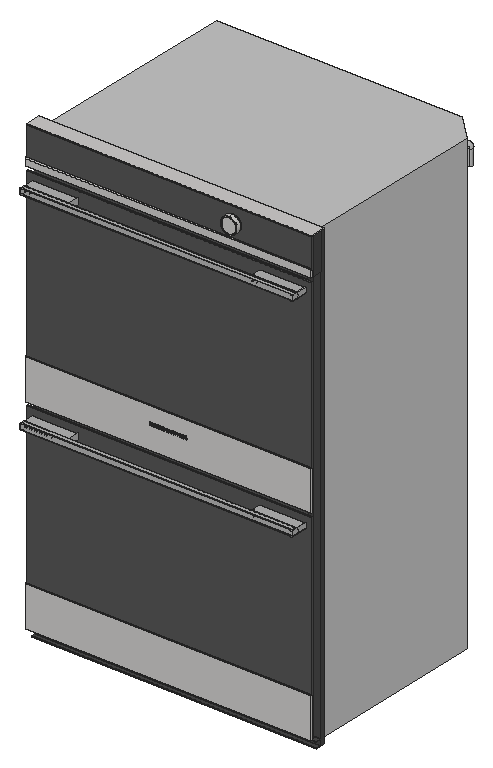
Revit family "FP_Revit_18_OB30DDPTDX1_Oven_90000935A", category Specialty Equipment, Revit 2018
Family settings
  Round Connector Dimension = Use Diameter
  Part Type = Normal
  OmniClass Number = 23.40.40.14.17.11
  OmniClass Title = Cookers, Ovens, Stoves
  Work Plane-Based = No
  Always vertical = Yes
  Cut with Voids When Loaded = Yes
  Shared = No
  Room Calculation Point = No
Parameters
  Visibility - Clearance Required = yes
  URL = "www.fisherpaykel.com"
  Product - Width = 760 mm  # constant formula
  Product - Height = 1232 mm  # constant formula
  Product - Depth = 651 mm  # constant formula
  Model = "OB30DDPTDX1"
  Material - Trim = Fisher & Paykel - Stainless Steel
  Material - Structure = Fisher & Paykel - Black
  Material - Handle = Fisher & Paykel - Aluminium
  Material - Glass = Fisher & Paykel - Glass, Black
  Material - Buttons and Dials = Fisher & Paykel - Stainless Steel
  Material - Body = Fisher & Paykel - Grey
  Manufacturer = "Fisher & Paykel Appliances"
  FFL Offset [instance] = 100 mm
  Description = "30\" Self Cleaning Double Oven"
  Connector Note - Electrical = "208 V or 240 V, 33.2 A - 38.3 A"
  Chassis - Width = 720 mm  # constant formula
  Chassis - Height = 1218 mm  # constant formula
  Chassis - Depth = 569 mm  # constant formula
  Cavity - Width = 764 mm  # constant formula
  Cavity - Height = 1224 mm  # constant formula
  Cavity - Depth = 575 mm  # constant formula
  Cabinet - Height = 1236 mm  # constant formula
Reference planes
  plane 1 "Datum": y = 0
  plane 2: z = 0
  plane 3 "Center (Left/Right)": x = 0
  plane 4 "Cabinet - Height": z = 1336
  plane 5 "Product - Height": z = 1332
  plane 6 "Product LHS": x = -380
  plane 7 "Product RHS": x = 380
  plane 8 "Product - Depth": y = 569
  plane 9 "Cavity LHS": x = -382
  plane 10 "Cavity RHS": x = 382
  plane 11 "Cavity - Depth": y = 575
  plane 12 "Front Face": y = -40
  plane 13 "FFL Offset": z = 100
  plane 14 "Cavity - Height": z = 1324
Forms (mm)
  Extrusion 1, solid, material "Fisher & Paykel - Grey" <- "Material - Body"
    sketch origin (0, 0, 0) x (1, 0, 0) y (0, 1, 0)
      loop
        line (-359.809, 0) -> (360.191, 0) -> (360.191, 503) -> (294.191, 569) -> (-359.809, 569) -> (-359.809, 0)
    from 100 to 1318
  Extrusion 2, solid, material "Fisher & Paykel - Clearance Required", visible <- "Visibility - Clearance Required", detail levels coarse
    sketch origin (0, 0, 0) x (1, 0, 0) y (0, 1, 0)
      loop
        line (-361.809, 0) -> (362.191, 0) -> (362.191, 575) -> (-361.809, 575) -> (-361.809, 0)
    from 100 to 1324
  Extrusion 3, solid, material "Fisher & Paykel - Black" <- "Material - Structure"
    sketch origin (0, 0, 0) x (0, 1, 0) y (0, 0, 1)
      loop
        line (-11, 1329.1) -> (-11, 117.834) -> (-21.5, 115.02) -> (-21.254, 114.102) -> (-11, 116.85) -> (-11, 101.95) -> (-22, 101.95) -> (-22, 100) -> (0, 100) -> (0, 1329.1) -> (-11, 1329.1)
    from -380 to 380
  Extrusion 4, solid, material "Fisher & Paykel - Black" <- "Material - Structure"
    sketch origin (0, 0, 0) x (0, 1, 0) y (0, 0, 1)
      loop
        line (-36, 1329.1) -> (-36, 1232.1) -> (-11, 1232.1) -> (-11, 1329.1) -> (-36, 1329.1)
    from -380 to 380
  Extrusion 5, solid, material "Fisher & Paykel - Black" <- "Material - Structure"
    sketch origin (0, 0, 0) x (0, 1, 0) y (0, 0, 1)
      loop
        line (-16.2, 127.63) -> (-16.2, 658.03) -> (-36, 658.03) -> (-36, 127.63) -> (-16.2, 127.63)
      loop
        line (-16.2, 669.765) -> (-16.2, 1219.8) -> (-36, 1219.8) -> (-36, 669.765) -> (-16.2, 669.765)
    from -365 to 363.494
  Extrusion 6, solid, material "Fisher & Paykel - Black" <- "Material - Structure"
    sketch origin (0, 0, 0) x (0, 1, 0) y (0, 0, 1)
      loop
        line (-16.2, 658.03) -> (-16.2, 127.63) -> (-11, 127.63) -> (-11, 658.03) -> (-16.2, 658.03)
      loop
        line (-16.2, 1219.8) -> (-16.2, 669.765) -> (-11, 669.765) -> (-11, 1219.8) -> (-16.2, 1219.8)
    from -361 to 361
  Extrusion 7, solid, material "Fisher & Paykel - Glass, Black" <- "Material - Glass"
    sketch origin (0, 0, 0) x (0, 1, 0) y (0, 0, 1)
      loop
        line (-40, 658.03) -> (-40, 127.63) -> (-36, 127.63) -> (-36, 658.03) -> (-40, 658.03)
      loop
        line (-40, 1219.8) -> (-40, 669.765) -> (-36, 669.765) -> (-36, 1219.8) -> (-40, 1219.8)
    from -380 to 380
  Extrusion 8, solid, material "Fisher & Paykel - Glass, Black" <- "Material - Glass"
    sketch origin (0, 0, 0) x (0, 1, 0) y (0, 0, 1)
      loop
        line (-40, 1328.774) -> (-40, 1232.1) -> (-36, 1232.1) -> (-36, 1328.774) -> (-40, 1328.774)
    from -380 to 380
  Extrusion 9, solid, material "Fisher & Paykel - Stainless Steel" <- "Material - Trim", detail levels fine
    sketch origin (0, 0, 0) x (0, 1, 0) y (0, 0, 1)
      loop
        line (-41.95, 1249.631) -> (-41.95, 1232.1) -> (-40, 1232.1) -> (-40, 1251.742) -> (-40.8, 1251.742) -> (-41.95, 1249.631)
    from -380 to 380
  Extrusion 10, solid, material "Fisher & Paykel - Clearance Required", visible <- "Visibility - Clearance Required", detail levels coarse
    sketch origin (0, -2000, 0) x (0, 1, 0) y (0, 0, 1)
      loop
        line (2000, 1336) -> (1960, 1336) -> (1960, 1219.8)
        arc (1960, 1219.8) -> (1571.067, 1058.699) -> (1409.965, 669.765) r 550.035
        line (1409.965, 669.765) -> (1960.043, 669.765) -> (1960.043, 657.365)
        arc (1960.043, 657.365) -> (1586.139, 501.84) -> (1431.352, 127.63) r 529.735
        line (1431.352, 127.63) -> (1961, 127.63) -> (1961, 100) -> (2000, 100) -> (2000, 1336)
    from -382 to 382
  Extrusion 11, solid, material "Fisher & Paykel - Stainless Steel" <- "Material - Trim", detail levels fine
    sketch origin (0, -2000, 0) x (0, 1, 0) y (0, 0, 1)
      loop
        line (1958.3, 233.247) -> (1958.3, 127.63) -> (1960, 127.63) -> (1960, 235.415) -> (1959.2, 235.415) -> (1958.3, 233.247)
      loop
        line (1958.3, 775.382) -> (1958.3, 669.765) -> (1960, 669.765) -> (1960, 777.55) -> (1959.2, 777.55) -> (1958.3, 775.382)
    from -379.809 to 380
  Extrusion 12, solid, material "Fisher & Paykel - Stainless Steel" <- "Material - Trim"
    sketch origin (0, 0, 0) x (0, 1, 0) y (0, 0, 1)
      loop
        line (-40, 1329.1) -> (0, 1329.1) -> (0, 1332) -> (-40, 1332) -> (-40, 1329.1)
    from -380 to 380
  Extrusion 13, void
    sketch origin (0, 0, 0) x (1, 0, 0) y (0, 1, 0)
      loop
        line (-361.809, 575) -> (-361.809, 0) -> (362.191, 0) -> (362.191, 575) -> (-361.809, 575)
    from 100 to 1324
  Extrusion 14, void
    sketch origin (0, 0, 0) x (1, 0, 0) y (0, 1, 0)
      loop
        line (-382, 0) -> (-382, -40) -> (382, -40) -> (382, 0) -> (-382, 0)
    from 100 to 1336
Lines and regions (mm)
  model lines, style "Fisher & Paykel"
    curve 1: line (-53.809, -40, 1322.5) -> (54.191, -40, 1322.5)
    curve 2: line (-53.809, -40, 1257.7) -> (-53.809, -40, 1322.5)
    curve 3: line (54.191, -40, 1257.7) -> (-53.809, -40, 1257.7)
    curve 4: line (54.191, -40, 1322.5) -> (54.191, -40, 1257.7)
Text (mm)
  text "Due to ongoing product development, product details are subject to change without notice. \nPlease always refer to www.fisherpaykel.com for the most current product information. \n© Fisher & Paykel 2020" at (41.04, -678.295, 0), in view "Ref. Level (Plan)"
Dimensions and locks
  equal spacing: plane 6 "Product LHS", plane 3 "Center (Left/Right)", plane 7 "Product RHS"
  "Product - Width": plane 6 "Product LHS" to plane 7 "Product RHS"
  "Chassis - Depth": plane 1 "Datum" to plane 8 "Product - Depth"
  equal spacing: plane 9 "Cavity LHS", plane 3 "Center (Left/Right)", plane 10 "Cavity RHS"
  "Cavity - Depth": plane 11 "Cavity - Depth" to plane 1 "Datum"
  Extrusion 2 to Extrusion 2 = 724 mm
  "Cavity - Width": plane 9 "Cavity LHS" to plane 10 "Cavity RHS"
  "Chassis - Width": Extrusion 1 to Extrusion 1
  plane 12 "Front Face" to plane 1 "Datum" = 40 mm
  "FFL Offset": plane 13 "FFL Offset" to level
  "Product - Height": plane 5 "Product - Height" to plane 13 "FFL Offset"
  "Cabinet - Height": plane 4 "Cabinet - Height" to plane 13 "FFL Offset"
  "Cavity - Height": plane 14 "Cavity - Height" to plane 13 "FFL Offset"
  "Chassis - Height": Extrusion 1 to plane 13 "FFL Offset"
  locked: plane 5 "Product - Height" to nested 2 at 102.977
  locked: plane 5 "Product - Height" to nested 5 at 129.235
  locked: plane 5 "Product - Height" to nested 1 at 690.935
  locked: nested 3 to plane 5 "Product - Height" at 601.909
  locked: plane 5 "Product - Height" to nested 4 at 44.623
  locked: Extrusion 3 sketch curve to plane 13 "FFL Offset" at 1.95
  locked: Extrusion 3 sketch curve to plane 13 "FFL Offset" at 15.02
  locked: Extrusion 3 sketch curve to plane 13 "FFL Offset" at 17.834
  locked: Extrusion 5 to plane 13 "FFL Offset" at 27.63
  locked: Extrusion 5 to plane 13 "FFL Offset" at 558.03
  locked: plane 13 "FFL Offset" to Extrusion 5 at 569.765
  plane 8 "Product - Depth" to nested 5 = 651 mm
  plane 8 "Product - Depth" to plane 12 "Front Face" = 609 mm
  aligned and locked: level to plane 2
  aligned and locked: plane 6 "Product LHS" to Extrusion 3
  aligned and locked: Extrusion 3 to plane 7 "Product RHS"
  aligned and locked: plane 9 "Cavity LHS" to Extrusion 10
  aligned and locked: Extrusion 10 to plane 10 "Cavity RHS"
  aligned and locked: plane 5 "Product - Height" to Extrusion 12 sketch curve
  aligned and locked: Extrusion 1 to plane 13 "FFL Offset"
  aligned and locked: plane 13 "FFL Offset" to Extrusion 3 sketch curve
  aligned and locked: Extrusion 11 to Extrusion 5  (x2)
  aligned and locked: Extrusion 7 to Extrusion 5  (x2)
  aligned and locked: Extrusion 5 to Extrusion 6  (x2)
  aligned and locked: Extrusion 5 to Extrusion 7
  aligned and locked: Extrusion 6 to Extrusion 5
  aligned and locked: Extrusion 10 sketch curve to plane 13 "FFL Offset"
  aligned and locked: Extrusion 10 to Extrusion 5  (x2)
  aligned and locked: Extrusion 2 to Extrusion 1
  aligned and locked: plane 14 "Cavity - Height" to Extrusion 2
  aligned and locked: Extrusion 13 to Extrusion 1
  aligned and locked: Extrusion 13 to Extrusion 2
  aligned and locked: Extrusion 14 to Extrusion 1
  aligned and locked: plane 4 "Cabinet - Height" to Extrusion 14
Automatic sketch dimensions
  plane 1 "Datum" to Extrusion 1 sketch curve = 0 mm
  Extrusion 1 sketch curve to plane 8 "Product - Depth" = 0 mm
  Extrusion 1 sketch curve to plane 6 "Product LHS" = 20.191 mm
  plane 7 "Product RHS" to Extrusion 1 sketch curve = 85.809 mm
  plane 7 "Product RHS" to Extrusion 1 sketch curve = 19.809 mm
  Extrusion 1 sketch curve to plane 8 "Product - Depth" = 66 mm
  plane 1 "Datum" to Extrusion 2 sketch curve = 0 mm
  plane 11 "Cavity - Depth" to Extrusion 2 sketch curve = 0 mm
  Extrusion 2 sketch curve to plane 6 "Product LHS" = 18.191 mm
  plane 7 "Product RHS" to Extrusion 2 sketch curve = 17.809 mm
  plane 1 "Datum" to Extrusion 4 sketch curve = 36 mm
  plane 1 "Datum" to Extrusion 4 sketch curve = 11 mm
  Extrusion 4 sketch curve to plane 5 "Product - Height" = 99.9 mm
  Extrusion 4 sketch curve to plane 5 "Product - Height" = 2.9 mm
  plane 1 "Datum" to Extrusion 13 sketch curve = 0 mm
  Extrusion 13 sketch curve to plane 6 "Product LHS" = 18.191 mm
  plane 7 "Product RHS" to Extrusion 13 sketch curve = 17.809 mm
  plane 11 "Cavity - Depth" to Extrusion 13 sketch curve = 0 mm
  plane 9 "Cavity LHS" to Extrusion 14 sketch curve = 0 mm
  Extrusion 14 sketch curve to plane 10 "Cavity RHS" = 0 mm
  plane 1 "Datum" to Extrusion 14 sketch curve = 0 mm
  plane 1 "Datum" to Extrusion 14 sketch curve = 40 mm
  Extrusion 9 sketch curve to Extrusion 9 sketch curve = 0.8 mm
  Extrusion 9 sketch curve to plane 12 "Front Face" = 1.95 mm
  Extrusion 9 sketch curve to plane 5 "Product - Height" = 99.9 mm
  Extrusion 9 sketch curve to Extrusion 9 sketch curve = 17.531 mm
  Extrusion 9 sketch curve to Extrusion 9 sketch curve = 2.112 mm
  Extrusion 9 sketch curve to plane 12 "Front Face" = 0 mm
  Extrusion 7 sketch curve to plane 12 "Front Face" = 0 mm  (x2)
  plane 12 "Front Face" to Extrusion 7 sketch curve = 4 mm  (x2)
  level to Extrusion 7 sketch curve = 127.63 mm
  Extrusion 7 sketch curve to plane 5 "Product - Height" = 673.97 mm
  Extrusion 7 sketch curve to Extrusion 7 sketch curve = 11.735 mm
  Extrusion 7 sketch curve to plane 4 "Cabinet - Height" = 116.2 mm
  plane 12 "Front Face" to Extrusion 5 sketch curve = 4 mm  (x2)
  plane 1 "Datum" to Extrusion 5 sketch curve = 16.2 mm  (x2)
  level to Extrusion 5 sketch curve = 127.63 mm
  Extrusion 5 sketch curve to plane 5 "Product - Height" = 673.97 mm
  Extrusion 5 sketch curve to Extrusion 5 sketch curve = 11.735 mm
  Extrusion 5 sketch curve to plane 4 "Cabinet - Height" = 116.2 mm
  plane 1 "Datum" to Extrusion 6 sketch curve = 16.2 mm
  Extrusion 6 sketch curve to Extrusion 6 sketch curve = 0 mm
  Extrusion 6 sketch curve to Extrusion 6 sketch curve = 5.2 mm  (x2)
  level to Extrusion 6 sketch curve = 127.63 mm
  Extrusion 6 sketch curve to plane 5 "Product - Height" = 673.97 mm
  Extrusion 6 sketch curve to Extrusion 6 sketch curve = 11.735 mm
  Extrusion 6 sketch curve to plane 4 "Cabinet - Height" = 116.2 mm
  Extrusion 8 sketch curve to plane 12 "Front Face" = 0 mm
  plane 12 "Front Face" to Extrusion 8 sketch curve = 4 mm
  Extrusion 8 sketch curve to plane 4 "Cabinet - Height" = 103.9 mm
  Extrusion 8 sketch curve to Extrusion 8 sketch curve = 96.674 mm
  Extrusion 12 sketch curve to plane 12 "Front Face" = 0 mm
  Extrusion 12 sketch curve to plane 1 "Datum" = 0 mm
  Extrusion 12 sketch curve to Extrusion 12 sketch curve = 2.9 mm
  plane 3 "Center (Left/Right)" to curve 1 = 54.191 mm
  curve 2 to plane 3 "Center (Left/Right)" = 53.809 mm
  curve 3 to curve 1 = 64.8 mm
  curve 3 to plane 5 "Product - Height" = 74.3 mm
  Extrusion 3 sketch curve to plane 1 "Datum" = 0 mm
  plane 1 "Datum" to Extrusion 3 sketch curve = 11 mm
  Extrusion 3 sketch curve to Extrusion 3 sketch curve = 0 mm
  Extrusion 3 sketch curve to Extrusion 3 sketch curve = 0.246 mm
  Extrusion 3 sketch curve to Extrusion 3 sketch curve = 11 mm
  Extrusion 3 sketch curve to Extrusion 3 sketch curve = 0.918 mm
  Extrusion 3 sketch curve to plane 5 "Product - Height" = 2.9 mm
  Extrusion 11 sketch curve to plane 12 "Front Face" = 0 mm  (x2)
  Extrusion 11 sketch curve to plane 12 "Front Face" = 0.8 mm  (x2)
  Extrusion 11 sketch curve to plane 12 "Front Face" = 1.7 mm  (x2)
  plane 13 "FFL Offset" to Extrusion 11 sketch curve = 27.63 mm
  Extrusion 11 sketch curve to Extrusion 11 sketch curve = 105.617 mm  (x2)
  Extrusion 11 sketch curve to Extrusion 11 sketch curve = 2.168 mm  (x2)
  Extrusion 11 sketch curve to Extrusion 11 sketch curve = 434.35 mm
  Extrusion 10 sketch curve to plane 12 "Front Face" = 0 mm
  Extrusion 10 sketch curve to plane 1 "Datum" = 0 mm
  plane 13 "FFL Offset" to Extrusion 10 sketch curve = 27.63 mm
  Extrusion 10 sketch curve to plane 12 "Front Face" = 528.648 mm
  Extrusion 10 sketch curve to Extrusion 10 sketch curve = 21.387 mm
  plane 12 "Front Face" to Extrusion 10 sketch curve = 0.043 mm
  plane 12 "Front Face" to Extrusion 10 sketch curve = 1 mm
  Extrusion 10 sketch curve to Extrusion 10 sketch curve = 0.087 mm
  Extrusion 10 sketch curve to Extrusion 10 sketch curve = 542.135 mm
  Extrusion 10 sketch curve to plane 4 "Cabinet - Height" = 0 mm
Nested families
  nested 1: "Handle Contemporary Square OB30" at (0, -40, 633.087), type "Handle Contemporary Square OB30"
  nested 2: "F&P Inlet Power OB30" at (327.191, 536, 1279) x (0.7071, -0.7071, 0) z (0, 0, 1), type "F&P Inlet Power OB30"
  nested 3: "F&P Logo 100mm" at (0, -41.7, 730.2), type "Grey", detail levels fine
  nested 4: "F&P Dial OB" at (170, -40, 1287.377), type "F&P Dial OB"
  nested 5: "Handle Contemporary Square OB30" at (0, -40, 1194.787), type "Handle Contemporary Square OB30"
Connectors
  electrical at (334.648, 543.457, 1229.023), driven by "Connector Note - Electrical"
    settings: on nested 2, index 1, voltage 120 V, apparent load 0 VA, apparent load phase1 0 VA, apparent load phase2 0 VA, apparent load phase3 0 VA, power factor 1, load classification "Other", number of poles 2, system type 30, power factor state 1, is connector primary yes, connector utility no, sub classification motor no, connector description "208 V or 240 V, 33.2 A - 38.3 A"
Definition of nested family "Handle Contemporary Square OB30"
  Parameters (values of type "Aluminium")
    URL = "www.fisherpaykel.com"
    Material - Handle = none
    Manufacturer = "Fisher & Paykel Appliances"
    Handle - Length = 727 mm
  Types (3): name
    (no name)
    Aluminium
    Aluminium Dark
  Reference planes
    plane 1 "Center (Front/Back)": y = 0
    plane 2: z = 0
    plane 3 "Center (Left/Right)": x = 0
    plane 4 "Product LHS": x = -363.5
    plane 5 "Product RHS": x = 363.5
    plane 6 "LHS Standoff": x = -243.495
    plane 7 "RHS Standoff": x = 243.505
  Forms (mm)
    Extrusion 1, solid, material <- "Material - Handle", detail levels fine
      sketch origin (0, 0, 0) x (0, 1, 0) y (0, 0, 1)
        loop
          arc (-28.701, 7.561) -> (-29.057, 7.868) -> (-29.514, 7.978) r 1
          line (-29.514, 7.978) -> (-40.5, 7.978)
          arc (-40.5, 7.978) -> (-41.561, 7.539) -> (-42, 6.478) r 1.5
          line (-42, 6.478) -> (-42, -6.522)
          arc (-42, -6.522) -> (-41.561, -7.583) -> (-40.5, -8.022) r 1.5
          line (-40.5, -8.022) -> (-29.487, -8.022)
          arc (-29.487, -8.022) -> (-29.029, -7.911) -> (-28.673, -7.602) r 1
          arc (-28.673, -7.602) -> (-26.256, -0.016) -> (-28.701, 7.561) r 13.038
      from -363.5 to 363.5
    Extrusion 2, solid, material <- "Material - Handle", detail levels fine
      sketch origin (0, 0, 0) x (0, 1, 0) y (0, 0, 1)
        loop
          arc (-28.23, 7.062) -> (-26.156, 0.008) -> (-28.198, -7.056) r 13.136
          arc (-28.198, -7.056) -> (-28.21, -7.463) -> (-27.86, -7.67) r 0.4
          line (-27.86, -7.67) -> (0, -7.67) -> (0, 7.678) -> (-27.893, 7.678)
          arc (-27.893, 7.678) -> (-28.244, 7.47) -> (-28.23, 7.062) r 0.4
      from 243.505 to 363.5
    Extrusion 3, solid, material <- "Material - Handle", detail levels fine
      sketch origin (0, 0, 0) x (0, 1, 0) y (0, 0, -1)
        loop
          arc (-28.23, -7.062) -> (-28.244, -7.47) -> (-27.893, -7.678) r 0.4
          line (-27.893, -7.678) -> (0, -7.678) -> (0, 7.67) -> (-27.86, 7.67)
          arc (-27.86, 7.67) -> (-28.21, 7.463) -> (-28.198, 7.056) r 0.4
          arc (-28.198, 7.056) -> (-26.156, -0.008) -> (-28.23, -7.062) r 13.136
      from 243.495 to 363.5
    Sweep 4, void
      path in 3D
        loop
          line (363.5, -29.514, 7.978) -> (363.5, -40.5, 7.978)
          arc (363.5, -40.5, 7.978) -> (363.5, -41.561, 7.539) -> (363.5, -42, 6.478) r 1.5
          line (363.5, -42, 6.478) -> (363.5, -42, -6.522)
          arc (363.5, -42, -6.522) -> (363.5, -41.561, -7.583) -> (363.5, -40.5, -8.022) r 1.5
          line (363.5, -40.5, -8.022) -> (363.5, -29.487, -8.022)
      profile origin (363.5, -35.007, 7.978) x (1, 0, 0) y (0, 0, 1)
        loop
          line (0, 0) -> (-1.3, 0) -> (0, -1.3) -> (0, 0)
    Sweep 5, void
      path in 3D
        loop
          line (-363.5, -29.487, -8.022) -> (-363.5, -40.5, -8.022)
          arc (-363.5, -40.5, -8.022) -> (-363.5, -41.561, -7.583) -> (-363.5, -42, -6.522) r 1.5
          line (-363.5, -42, -6.522) -> (-363.5, -42, 6.478)
          arc (-363.5, -42, 6.478) -> (-363.5, -41.561, 7.539) -> (-363.5, -40.5, 7.978) r 1.5
          line (-363.5, -40.5, 7.978) -> (-363.5, -29.514, 7.978)
      profile origin (-363.5, -35.007, 7.978) x (-1, 0, 0) y (0, 0, 1)
        loop
          line (0, 0) -> (-1.3, 0) -> (0, -1.3) -> (0, 0)
    Extrusion 6, void
      sketch origin (0, 0, 0) x (1, 0, 0) y (0, 0, 1)
        loop
          line (363.5, 7.978) -> (362.2, 7.978) -> (363.5, 6.678) -> (363.5, 7.978)
        loop
          line (363.5, -8.022) -> (363.5, -6.722) -> (362.2, -8.022) -> (363.5, -8.022)
      from 0 to 40
    Extrusion 7, void
      sketch origin (0, 0, 0) x (1, 0, 0) y (0, 0, 1)
        loop
          line (-363.5, 7.978) -> (-363.5, 6.678) -> (-362.2, 7.978) -> (-363.5, 7.978)
        loop
          line (-363.5, -8.022) -> (-362.2, -8.022) -> (-363.5, -6.722) -> (-363.5, -8.022)
      from 0 to 40
    Extrusion 8, solid, material <- "Material - Handle", detail levels coarse+medium
      sketch origin (0, 0, 0) x (1, 0, 0) y (0, 1, 0)
        loop
          line (-363.5, -42) -> (363.5, -42) -> (363.5, 0) -> (243.505, 0) -> (243.505, -26.156) -> (-243.495, -26.156) -> (-243.495, 0) -> (-363.5, 0) -> (-363.5, -42)
      from -8.022 to 7.978
  Cuts and joins
    Sweep 4, Sweep 5, Extrusion 6, Extrusion 7 cuts Extrusion 1
    Extrusion 6 cuts Extrusion 2
    Extrusion 7 cuts Extrusion 3
  Lines and regions (mm)
    sketch lines
      curve 1: line (363.5, -29.514, 7.978) -> (363.5, -40.5, 7.978)
      curve 2: arc (363.5, -42, 6.478) -> (363.5, -41.561, 7.539) -> (363.5, -40.5, 7.978) r 1.5
      curve 3: line (363.5, -42, 6.478) -> (363.5, -42, -6.522)
      curve 4: arc (363.5, -40.5, -8.022) -> (363.5, -41.561, -7.583) -> (363.5, -42, -6.522) r 1.5
      curve 5: line (363.5, -40.5, -8.022) -> (363.5, -29.487, -8.022)
      curve 6: line (-363.5, -40.5, 7.978) -> (-363.5, -29.514, 7.978)
      curve 7: arc (-363.5, -40.5, 7.978) -> (-363.5, -41.561, 7.539) -> (-363.5, -42, 6.478) r 1.5
      curve 8: line (-363.5, -42, -6.522) -> (-363.5, -42, 6.478)
      curve 9: arc (-363.5, -42, -6.522) -> (-363.5, -41.561, -7.583) -> (-363.5, -40.5, -8.022) r 1.5
      curve 10: line (-363.5, -29.487, -8.022) -> (-363.5, -40.5, -8.022)
  Dimensions and locks
    equal spacing: plane 4 "Product LHS", plane 3 "Center (Left/Right)", plane 5 "Product RHS"
    "Handle - Length": plane 4 "Product LHS" to plane 5 "Product RHS"
    locked: plane 4 "Product LHS" to plane 6 "LHS Standoff" at 120.005
    locked: plane 7 "RHS Standoff" to plane 5 "Product RHS" at 119.995
    aligned and locked: level to plane 2
    aligned and locked: Extrusion 1 to plane 5 "Product RHS"
    aligned and locked: plane 4 "Product LHS" to Extrusion 1
    aligned and locked: Extrusion 2 to plane 5 "Product RHS"
    aligned and locked: plane 4 "Product LHS" to Extrusion 3
    aligned and locked: plane 4 "Product LHS" to Extrusion 8 sketch curve
    aligned and locked: Extrusion 8 sketch curve to plane 5 "Product RHS"
    aligned and locked: Extrusion 8 sketch curve to plane 7 "RHS Standoff"
    aligned and locked: plane 6 "LHS Standoff" to Extrusion 8 sketch curve
    aligned and locked: Extrusion 2 to plane 7 "RHS Standoff"
    aligned and locked: plane 6 "LHS Standoff" to Extrusion 3
  Automatic sketch dimensions
    Extrusion 1 sketch curve to level = 6.522 mm
    plane 1 "Center (Front/Back)" to Extrusion 1 sketch curve = 42 mm
    Extrusion 1 sketch curve to Extrusion 1 sketch curve = 1.5 mm  (x2)
    Extrusion 1 sketch curve to level = 0.04 mm
    Extrusion 1 sketch curve to Extrusion 1 sketch curve = 1.206 mm
    level to Extrusion 1 sketch curve = 6.978 mm
    Extrusion 1 sketch curve to Extrusion 1 sketch curve = 10.986 mm
    Extrusion 1 sketch curve to Extrusion 1 sketch curve = 11.013 mm
    Extrusion 1 sketch curve to Extrusion 1 sketch curve = 1 mm
    level to Extrusion 1 sketch curve = 6.478 mm
    Extrusion 1 sketch curve to Extrusion 1 sketch curve = 0 mm
    Extrusion 2 sketch curve to plane 1 "Center (Front/Back)" = 0 mm
    Extrusion 2 sketch curve to level = 7.67 mm
    Extrusion 2 sketch curve to Extrusion 2 sketch curve = 27.86 mm
    level to Extrusion 2 sketch curve = 7.678 mm
    Extrusion 2 sketch curve to Extrusion 2 sketch curve = 0.033 mm
    Extrusion 2 sketch curve to level = 0.022 mm
    Extrusion 2 sketch curve to Extrusion 2 sketch curve = 11.398 mm
    Extrusion 2 sketch curve to Extrusion 2 sketch curve = 0.4 mm  (x2)
    Extrusion 2 sketch curve to Extrusion 2 sketch curve = 0 mm
    Extrusion 3 sketch curve to plane 1 "Center (Front/Back)" = 0 mm
    Extrusion 3 sketch curve to level = 7.67 mm
    Extrusion 3 sketch curve to Extrusion 3 sketch curve = 27.86 mm
    level to Extrusion 3 sketch curve = 7.678 mm
    Extrusion 3 sketch curve to Extrusion 3 sketch curve = 0.033 mm
    Extrusion 3 sketch curve to level = 0.022 mm
    Extrusion 3 sketch curve to Extrusion 3 sketch curve = 11.398 mm
    Extrusion 3 sketch curve to Extrusion 3 sketch curve = 0.4 mm  (x2)
    Extrusion 3 sketch curve to Extrusion 3 sketch curve = 0 mm
    profile plane to Sweep 4 sketch curve = 0 mm
    Sweep 4 sketch curve to profile plane = 0 mm
    Sweep 4 sketch curve to profile plane = 1.3 mm
    profile plane to Sweep 4 sketch curve = 1.3 mm
    Sweep 5 sketch curve to profile plane = 0 mm  (x2)
    profile plane to Sweep 5 sketch curve = 1.3 mm
    Sweep 5 sketch curve to profile plane = 1.3 mm
    plane 5 "Product RHS" to Extrusion 6 sketch curve = 0 mm  (x2)
    Extrusion 6 sketch curve to Extrusion 6 sketch curve = 1.3 mm  (x4)
    Extrusion 6 sketch curve to level = 6.722 mm
    level to Extrusion 6 sketch curve = 6.678 mm
    plane 4 "Product LHS" to Extrusion 7 sketch curve = 0 mm  (x2)
    Extrusion 7 sketch curve to plane 4 "Product LHS" = 1.3 mm  (x2)
    Extrusion 7 sketch curve to level = 8.022 mm
    level to Extrusion 7 sketch curve = 6.678 mm
    Extrusion 7 sketch curve to Extrusion 7 sketch curve = 1.3 mm  (x2)
    plane 1 "Center (Front/Back)" to Extrusion 8 sketch curve = 0 mm  (x2)
    Extrusion 8 sketch curve to Extrusion 8 sketch curve = 26.156 mm
    Extrusion 8 sketch curve to Extrusion 8 sketch curve = 42 mm
Definition of nested family "F&P Inlet Power OB30"
  Parameters (values of type "F&P Inlet Power OB30")
    URL = "www.fisherpaykel.com"
    Material - Body = none
    Manufacturer = "Fisher & Paykel Appliances"
  Reference planes
    plane 1 "Center (Front/Back)": y = 0
    plane 2: z = 0
    plane 3 "Center (Left/Right)": x = 0
  Forms (mm)
    Extrusion 1, solid, material <- "Material - Body"
      sketch origin (0, 0, 0) x (1, 0, 0) y (0, 0, 1)
        loop
          circle (0, 0) r 14.523
        loop
          circle (0, 0) r 7.273
      from -3.02 to 0
    Sweep 2, solid, material <- "Material - Body"
      path origin (0, 0, 0) x (0, 1, 0) y (0, 0, 1)
        loop
          line (0, 0) -> (2.546, 0)
          arc (2.546, 0) -> (8.203, -2.343) -> (10.546, -8) r 8
          line (10.546, -8) -> (10.546, -49.977)
      profile origin (0, 1.273, 0) x (0, 0, 1) y (1, 0, 0)
        loop
          circle (0, 0) r 7.273
  Dimensions and locks
    aligned and locked: level to plane 2
Definition of nested family "F&P Logo 100mm"
  Parameters (values of type "Chrome")
    URL = "www.fisherpaykel.com"
    Material - Logo = none
    Manufacturer = "Fisher & Paykel Appliances"
  Types (3): name
    (no name)
    Chrome
    Grey
  Reference planes
    plane 1 "Center (Front/Back)": y = 0
    plane 2: z = 0
    plane 3 "Center (Left/Right)": x = 0
  Forms (mm)
    Extrusion 1, solid, material <- "Material - Logo", detail levels fine
      sketch origin (0, 0, 0) x (1, 0, 0) y (0, 0, 1)
        loop
          line (-50.044, 0) -> (-48.47, 0) -> (-48.47, 2.138) -> (-46.011, 2.138) -> (-46.011, 3.472) -> (-48.47, 3.472) -> (-48.47, 4.712) -> (-45.795, 4.712) -> (-45.795, 6.04) -> (-50.044, 6.04) -> (-50.044, 0)
        loop
          line (-42.804, 6.04) -> (-42.804, 0) -> (-41.23, 0) -> (-41.23, 6.04) -> (-42.804, 6.04)
        loop
          line (-30.724, 6.04) -> (-30.724, 0) -> (-29.151, 0) -> (-29.151, 2.42) -> (-26.839, 2.42) -> (-26.839, 0) -> (-25.265, 0) -> (-25.265, 6.04) -> (-26.839, 6.04) -> (-26.839, 3.748) -> (-29.151, 3.748) -> (-29.151, 6.04) -> (-30.724, 6.04)
        loop
          line (-21.906, 6.04) -> (-21.906, 0) -> (-17.602, 0) -> (-17.602, 1.328) -> (-20.347, 1.328) -> (-20.347, 2.42) -> (-17.838, 2.42) -> (-17.838, 3.748) -> (-20.347, 3.748) -> (-20.347, 4.712) -> (-17.602, 4.712) -> (-17.602, 6.04) -> (-21.906, 6.04)
        loop
          line (45.667, 6.04) -> (45.667, 0) -> (49.956, 0) -> (49.956, 1.328) -> (47.241, 1.328) -> (47.241, 6.04) -> (45.667, 6.04)
        loop
          line (42.431, 6.04) -> (38.112, 6.04) -> (38.112, 0) -> (42.431, 0) -> (42.431, 1.328) -> (39.687, 1.328) -> (39.687, 2.42) -> (42.195, 2.42) -> (42.195, 3.748) -> (39.687, 3.748) -> (39.687, 4.712) -> (42.431, 4.712) -> (42.431, 6.04)
        loop
          line (33.451, 3.148) -> (35.683, 6.04) -> (33.844, 6.04) -> (31.915, 3.542) -> (31.915, 6.04) -> (30.342, 6.04) -> (30.342, 0) -> (31.915, 0) -> (31.915, 2.705) -> (33.903, 0) -> (35.763, 0) -> (33.451, 3.148)
        loop
          line (21.98, 6.04) -> (24.262, 2.42) -> (24.262, 0) -> (25.837, 0) -> (25.837, 2.341) -> (28.119, 6.04) -> (26.446, 6.04) -> (25.099, 3.707) -> (23.753, 6.04) -> (21.98, 6.04)
        loop
          line (18.479, 6.04) -> (16.983, 6.04) -> (14.524, 0) -> (16.069, 0) -> (16.501, 1.112) -> (18.921, 1.112) -> (19.354, 0) -> (20.938, 0) -> (18.479, 6.04)
        loop
          line (18.4, 2.439) -> (17.693, 4.174) -> (17.018, 2.439) -> (18.4, 2.439)
        loop
          line (8.031, 6.04) -> (8.031, 0) -> (9.605, 0) -> (9.605, 1.938) -> (10.599, 1.938)
          arc (10.599, 1.938) -> (12.65, 3.989) -> (10.599, 6.04) r 2.051
          line (10.599, 6.04) -> (8.031, 6.04)
        loop
          line (9.605, 4.712) -> (9.605, 3.197) -> (10.501, 3.197)
          arc (10.501, 3.197) -> (11.259, 3.954) -> (10.501, 4.712) r 0.757
          line (10.501, 4.712) -> (9.605, 4.712)
        loop
          line (-11.783, 6.04) -> (-14.366, 6.04) -> (-14.366, 0) -> (-12.792, 0) -> (-12.792, 1.336) -> (-11.992, 1.336) -> (-10.972, 0) -> (-9.153, 0) -> (-10.694, 1.973)
          arc (-10.694, 1.973) -> (-9.678, 4.424) -> (-11.783, 6.04) r 2.179
        loop
          line (-11.897, 4.712) -> (-12.792, 4.712) -> (-12.792, 3.053) -> (-11.897, 3.053)
          arc (-11.897, 3.053) -> (-11.068, 3.882) -> (-11.897, 4.712) r 0.83
        loop
          line (0.477, 4.712) -> (0.477, 6.153) -> (-3.575, 6.153) -> (-3.575, 4.851) -> (-2.974, 4.112)
          arc (-2.974, 4.112) -> (-3.51, 0.684) -> (-0.045, 0.512) r 2.334
          line (-0.045, 0.512) -> (0.46, -0.109) -> (2.246, -0.109) -> (0.86, 1.594) -> (2.061, 3.324) -> (0.443, 3.324) -> (-0.013, 2.667) -> (-1.677, 4.712) -> (0.477, 4.712)
        loop
          arc (-2.125, 3.068) -> (-2.269, 1.668) -> (-0.868, 1.524) r 0.996
          line (-0.868, 1.524) -> (-2.125, 3.068)
        loop
          line (-35.18, 3.634) -> (-36.516, 3.91)
          arc (-36.516, 3.91) -> (-37.049, 4.443) -> (-36.516, 4.976) r 0.533
          arc (-36.516, 4.976) -> (-35.235, 4.79) -> (-34.059, 4.248) r 4.505
          line (-34.059, 4.248) -> (-34.059, 5.743)
          arc (-34.059, 5.743) -> (-35.549, 6.179) -> (-37.1, 6.109) r 4.726
          arc (-37.1, 6.109) -> (-38.536, 4.335) -> (-37.1, 2.561) r 1.814
          line (-37.1, 2.561) -> (-35.754, 2.282)
          arc (-35.754, 2.282) -> (-35.221, 1.749) -> (-35.754, 1.216) r 0.533
          arc (-35.754, 1.216) -> (-37.035, 1.402) -> (-38.211, 1.945) r 4.505
          line (-38.211, 1.945) -> (-38.211, 0.449)
          arc (-38.211, 0.449) -> (-36.72, 0.013) -> (-35.169, 0.083) r 4.726
          arc (-35.169, 0.083) -> (-33.734, 1.863) -> (-35.18, 3.634) r 1.814
      from 0 to 0.8
  Dimensions and locks
    aligned and locked: level to plane 2
Definition of nested family "F&P Dial OB"
  Parameters (values of type "F&P Dial OB Black")
    URL = "www.fisherpaykel.com"
    Material - Buttons and Dials = none
    Material - Bezel = none
    Manufacturer = "Fisher & Paykel Appliances"
  Types (2): name
    F&P Dial OB
    F&P Dial OB Black
  Reference planes
    plane 1 "Center (Front/Back)": y = 0
    plane 2: z = 0
    plane 3 "Center (Left/Right)": x = 0
  Forms (mm)
    Revolve 1, solid, material <- "Material - Buttons and Dials", detail levels fine
      sketch origin (0, 0, 0) x (0, 1, 0) y (0, 0, 1)
        loop
          line (0, 22) -> (-0.843, 22) -> (-0.843, 16.038) -> (-2.39, 16.038) -> (-2.39, 22) -> (-13.7, 22) -> (-13.7, 21.2) -> (-13.191, 20) -> (-8.9, 20) -> (-8.9, 0) -> (0, 0) -> (0, 22)
        axis (0, 0) -> (-13.7, 0)
      angle from 0 to 360
    Extrusion 2, solid, material <- "Material - Buttons and Dials", detail levels fine
      sketch origin (0, 0, 0) x (1, 0, 0) y (0, 0, 1)
        loop
          circle (0, 0) r 19.45
      from 8.9 to 13.191
    Extrusion 3, solid, material <- "Material - Buttons and Dials", detail levels coarse+medium
      sketch origin (0, 0, 0) x (1, 0, 0) y (0, 0, 1)
        loop
          circle (0, 0) r 22
      from 0 to 13.7
    Extrusion 4, solid, material <- "Material - Bezel", detail levels fine
      sketch origin (0, 0, 0) x (1, 0, 0) y (0, 0, 1)
        loop
          circle (0, 0) r 19.45
        loop
          circle (0, 0) r 20
      from 2.39 to 13.191
  Dimensions and locks
    aligned and locked: level to plane 2
